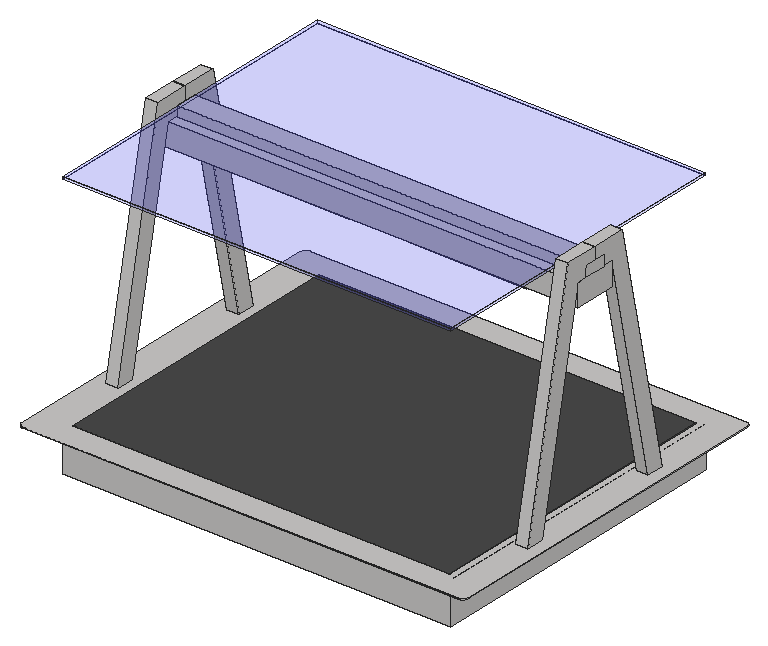
Revit family "QF_ELECTROLUXPROFESSIONAL_341180_D04C2", category Attrezzature speciali, Revit 2020
Family settings
  Quota connettore circolare = Usa diametro
  Tipo di parte = Normale
  Basato su piano di lavoro = No
  Sempre verticale = Sì
  Taglio con vuoti quando caricato = No
  Condiviso = No
  Punto di calcolo locali = No
Parameters (values of type "Standard")
  Weight = 30.36 kg
  Watts = 0 W
  Volts = 220 V
  URL Manufacturer = "https://www.electroluxprofessional.com/"
  URL = "https://www.electroluxprofessional.com/"
  Steam Supply Size = 0 mm
  Steam Supply Minimum Pressure = 0.0 Pa
  Steam Supply Maximum Pressure = 0.0 Pa
  Steam Consumption per Hour = 0
  Refrigeration Suction Line Size = 0 mm
  Refrigeration Liquid Line Size = 0 mm
  Refrigerant Compressor Remote = yes
  Prospetto di default = 0 mm
  Produttore = "Electrolux Professional"
  Phase = 1
  Modello = "D04C2"
  Length Actual = 770 mm  # constant formula
  Item Number = "341180"
  Hot Water Size = 0 mm
  Height Actual = 484 mm  # constant formula
  HP = "0 HP"
  Gas Size = 0 mm
  Gas KW = 0
  Gas Input Pressure = 0 W
  Direct Waste Size = 0 mm
  Descrizione = "DROP-IN TEMPERED GLASS TOP, 2GN WITH A TYPE OVERSHELF AND HALOGEN LAMP"
  Depth Actual = 620 mm  # constant formula
  Cycle = 50 Hz
  Condensate Return Size = 0 mm
  Compressed Air Volume = 0.0 L/s
  Compressed Air Size = 0 mm
  Compressed Air Pressure = 0.0 Pa
  Cold Water Size = 0 mm
  Accessory = yes
Reference planes
  plane 1 "BACK": y = 0
  plane 2: z = 5.426
  plane 3 "LEFT": x = 0
  plane 4: y = -620
  plane 5: z = 409.426
  plane 6: y = -310
Forms (mm)
  Extrusion 1, solid, material "QF_Finishes_Stainless Steel"
    sketch origin (0, 0, 5.426) x (1, 0, 0) y (0, 1, 0)
      loop
        arc (10, 0) -> (2.929, -2.929) -> (0, -10) r 10
        line (0, -10) -> (0, -610)
        arc (0, -610) -> (2.929, -617.071) -> (10, -620) r 10
        line (10, -620) -> (760, -620)
        arc (760, -620) -> (767.071, -617.071) -> (770, -610) r 10
        line (770, -610) -> (770, -10)
        arc (770, -10) -> (767.071, -2.929) -> (760, 0) r 10
        line (760, 0) -> (10, 0)
    from 0 to 1
  Extrusion 2, solid, material "QF_Finishes_Stainless Steel"
    sketch origin (0, 0, 184.548) x (1, 0, 0) y (0, 1, 0)
      loop
        line (50, -35) -> (50, -585) -> (720, -585) -> (720, -35) -> (50, -35)
    from -251.122 to -179.122
  Extrusion 3, solid, material "QF_Finishes_Stainless Steel"
    sketch origin (21.5, -620, 0) x (0, -1, 0) y (0, 0, -1)
      loop
        line (-310, -409.426) -> (-250.873, -409.426) -> (-165, -5.426) -> (-195, -5.426) -> (-272.583, -370.426) -> (-310, -370.426) -> (-310, -409.426)
    from 0 to 20
  Extrusion 4, solid, material "QF_Finishes_Stainless Steel"
    sketch origin (21.5, 0, 0) x (0, 1, 0) y (0, 0, 1)
      loop
        line (-310, 409.426) -> (-310, 370.426) -> (-272.583, 370.426) -> (-195, 5.426) -> (-165, 5.426) -> (-250.873, 409.426) -> (-310, 409.426)
    from 0 to 20
  Extrusion 5, solid, material "QF_Finishes_Stainless Steel"
    sketch origin (748, -620, 0) x (0, -1, 0) y (0, 0, 1)
      loop
        line (-310, 409.426) -> (-310, 370.426) -> (-272.583, 370.426) -> (-195, 5.426) -> (-165, 5.426) -> (-250.873, 409.426) -> (-310, 409.426)
    from 0 to 20
  Extrusion 6, solid, material "QF_Finishes_Stainless Steel"
    sketch origin (748, 0, 0) x (0, 1, 0) y (0, 0, -1)
      loop
        line (-310, -409.426) -> (-250.873, -409.426) -> (-165, -5.426) -> (-195, -5.426) -> (-272.583, -370.426) -> (-310, -370.426) -> (-310, -409.426)
    from 0 to 20
  Extrusion 7, solid, material "QF_Finishes_Stainless Steel"
    sketch origin (0, 0, 0) x (0, 1, 0) y (0, 0, 1)
      loop
        line (-291.292, 370.426) -> (-291.292, 387.956) -> (-328.917, 387.956) -> (-328.917, 370.426) -> (-291.292, 370.426)
    from 21.5 to 748
  Extrusion 8, solid, material "Vetro"
    sketch origin (0, 0, 5.426) x (1, 0, 0) y (0, 1, 0)
      loop
        line (50, -35) -> (50, -585) -> (720, -585) -> (720, -35) -> (50, -35)
    from 382.529 to 387.529
  Extrusion 9, solid, material "QF_Finishes_Stainless Steel"
    sketch origin (0, 0, 0) x (0, 1, 0) y (0, 0, 1)
      loop
        line (-272.583, 370.426) -> (-347.583, 370.426) -> (-347.583, 330.426) -> (-272.583, 330.426) -> (-272.583, 370.426)
    from 21.5 to 748
  Extrusion 10, solid, material "QF_Finishes_Stainless Steel"
    sketch origin (34.947, 0, 0) x (0, 1, 0) y (0, 0, 1)
      loop
        line (-280.414, 330.426) -> (-340.414, 330.426) -> (-340.414, 325.426) -> (-280.414, 325.426) -> (-280.414, 330.426)
    from 113.553 to 313.553
  Extrusion 11, solid, material "QF_Finishes_Stainless Steel"
    sketch origin (769.053, 0, 0) x (0, 1, 0) y (0, 0, -1)
      loop
        line (-280.414, -330.426) -> (-280.414, -325.426) -> (-340.414, -325.426) -> (-340.414, -330.426) -> (-280.414, -330.426)
    from 113.553 to 313.553
  Extrusion 12, solid, material "QF_Finishes_Black"
    sketch origin (0, 0, 6.426) x (1, 0, 0) y (0, 1, 0)
      loop
        line (60, -45) -> (60, -575) -> (710, -575) -> (710, -45) -> (60, -45)
    from 0 to 1
  Extrusion 13, solid, material "QF_Finishes_Stainless Steel"
    sketch origin (552.404, -352.286, -99.574) x (1, 0, 0) y (0, 1, 0)
      loop
        line (-392.404, -132.714) -> (-392.404, -152.714) -> (-372.404, -152.714) -> (-372.404, -132.714) -> (-392.404, -132.714)
    from 0 to 33
  Extrusion 14, solid, material "QF_Finishes_Stainless Steel"
    sketch origin (872.404, -637.714, -99.574) x (1, 0, 0) y (0, 1, 0)
      loop
        line (-392.404, 132.714) -> (-372.404, 132.714) -> (-372.404, 152.714) -> (-392.404, 152.714) -> (-392.404, 132.714)
    from 0 to 33
Dimensions and locks
  equal spacing: Extrusion 1, Extrusion 2 sketch curve, Extrusion 2 sketch curve, Extrusion 1  (x2)
  Extrusion 1 to Extrusion 1 = 770 mm
  Extrusion 1 to plane 1 "BACK" = 620 mm
  plane 5 to plane 2 = 404 mm
  equal spacing: Extrusion 8, Extrusion 12 sketch curve, Extrusion 12 sketch curve, Extrusion 8  (x2)
  aligned and locked: level to plane 2
Connectors
  electrical at (170, -495, -99.574)
    settings: on Extrusion 13, index 5, voltage 0 V, apparent load 0 VA, apparent load phase1 0 VA, apparent load phase2 0 VA, apparent load phase3 0 VA, power factor 1, load classification "Altro", number of poles 1, system type 30, power factor state 1, is connector primary yes, connector utility no, sub classification motor no, connector description "EI"
  electrical at (490, -495, -99.574)
    settings: on Extrusion 14, index 6, voltage 0 V, apparent load 0 VA, apparent load phase1 0 VA, apparent load phase2 0 VA, apparent load phase3 0 VA, power factor 1, load classification "Altro", number of poles 1, system type 30, power factor state 1, is connector primary no, connector utility no, sub classification motor no, connector description "EI"
